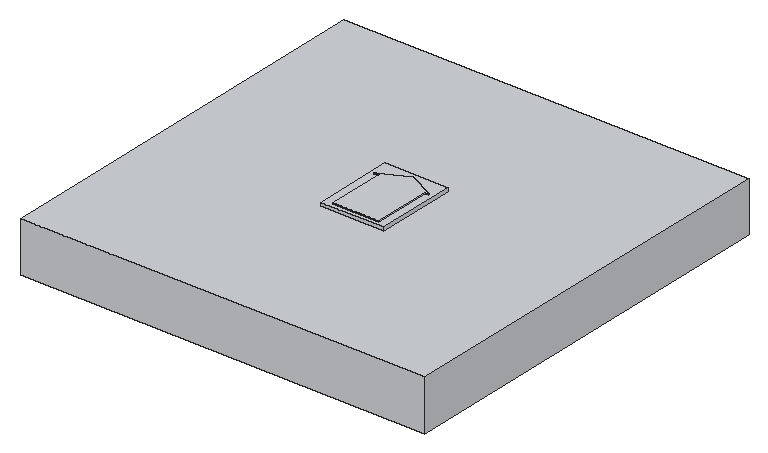
Revit family "M_Caixa mestre do alarme de incêndio", category Equipamento elétrico, Revit 2019
Family settings
  Hospedeiro = Face
  Cota do conector redondo = Utilizar diâmetro
  Tipo de parte = Outros painéis
  Número OmniClass = 23.85.30.21.11.14
  Título OmniClass = Alarm Panels
  ID de item do Seek = Fire Alarm Master Box-0000-CAN-ENU
  Corte com vazios quando carregada = Não
  Compartilhado = Não
  Ponto de cálculo do ambiente = Não
Parameters (values of type "Padrão")
  Largura 3 = 319 mm
  Largura 2 = 279 mm
  Largura 1 = 381 mm
  Material do painel = none
  Altura 4 = 378 mm
  Altura 3 = Altura 2 * 0.2  # 86.4 mm
  Altura 2 = 432 mm
  Altura 1 = 483 mm
  Comprimento 4 = Comprimento 2 + Comprimento 3  # 25 mm
  Comprimento 3 = (Comprimento 1 - 127 mm) * 0.25  # 6.25 mm
  Comprimento 2 = (Comprimento 1 - 127 mm) * 0.75  # 18.75 mm
  Comprimento 1 = 152 mm
  Elevação-padrão = 1200 mm
Reference planes
  plane 1 "Centro (Frente/Trás)": y = 0
  plane 2: z = 0
  plane 3 "Centro (Esquerda/Direita)": x = 0
  plane 4: z = -127
  plane 5: z = 18.75
  plane 6: z = 25
  plane 7: x = -190.5
  plane 8: y = 241.5
  plane 9: y = -241.5
  plane 10: x = 190.5
  plane 11: x = -139.5
  plane 12: x = 139.5
  plane 13: y = -216
  plane 14: y = 216
  plane 15: x = -164.9
  plane 16: x = 164.9
  plane 17: y = 189
  plane 18: y = -189
  plane 19: x = -159.5
  plane 20: x = 159.5
Forms (mm)
  Extrusion 1, solid
    sketch origin (0, 0, 0) x (1, 0, 0) y (0, 1, 0)
      loop
        line (-1219.2, 1219.2) -> (-1219.2, -1219.2) -> (1219.2, -1219.2) -> (1219.2, 1219.2) -> (-1219.2, 1219.2)
    from 0 to -304.8
  Extrusion 2, solid, material <- "Material do painel"
    sketch origin (0, 0, 0) x (1, 0, 0) y (0, 1, 0)
      loop
        line (-190.5, 241.5) -> (-190.5, -241.5) -> (190.5, -241.5) -> (190.5, 241.5) -> (-190.5, 241.5)
    from 0 to 18.75
  Extrusion 3, solid, material <- "Material do painel"
    sketch origin (0, 0, 0) x (1, 0, 0) y (0, 1, 0)
      loop
        line (-139.5, -216) -> (139.5, -216) -> (139.5, 129.628) -> (164.9, 129.628) -> (0, 216) -> (-164.9, 129.628) -> (-139.5, 129.628) -> (-139.5, -216)
    from 0 to 25
  Extrusion 4, solid, material <- "Material do painel"
    sketch origin (0, 0, 0) x (1, 0, 0) y (0, 1, 0)
      loop
        line (-159.5, 189) -> (-159.5, -189) -> (159.5, -189) -> (159.5, 189) -> (-159.5, 189)
    from 0 to -127
Cuts and joins
  joined: Extrusion 2, Extrusion 3
Lines and regions (mm)
  symbolic lines, detail levels fine
    curve 1: line (164.9, 0, 25) -> (-164.9, 0, 25)
    curve 2: line (-139.5, 0, 25) -> (-139.5, 0, 18.75)
    curve 3: line (-164.9, 0, 18.75) -> (-164.9, 0, 25)
    curve 4: line (190.5, 0, 18.75) -> (-190.5, 0, 18.75)
    curve 5: line (139.5, 0, 18.75) -> (139.5, 0, 25)
    curve 6: line (164.9, 0, 18.75) -> (164.9, 0, 25)
    curve 7: line (190.5, 0, 0) -> (190.5, 0, 18.75)
    curve 8: line (-190.5, 0, 0) -> (190.5, 0, 0)
    curve 9: line (159.5, 0, -127) -> (159.5, 0, 0)
    curve 10: line (-159.5, 0, -127) -> (159.5, 0, -127)
    curve 11: line (-159.5, 0, 0) -> (-159.5, 0, -127)
    curve 12: line (-190.5, 0, 18.75) -> (-190.5, 0, 0)
Dimensions and locks
  equal spacing: plane 8, plane 1 "Centro (Frente/Trás)", plane 9
  "Altura 1": plane 8 to plane 9
  equal spacing: plane 7, plane 3 "Centro (Esquerda/Direita)", plane 10
  "Largura 1": plane 7 to plane 10
  equal spacing: plane 11, plane 3 "Centro (Esquerda/Direita)", plane 12
  "Largura 2": plane 11 to plane 12
  equal spacing: plane 14, plane 1 "Centro (Frente/Trás)", plane 13
  "Altura 2": plane 14 to plane 13
  locked: plane 15 to plane 11 at 25.4
  locked: plane 12 to plane 16 at 25.4
  "Comprimento 1": plane 4 to plane 6
  "Comprimento 2": plane 5 to plane 2
  "Comprimento 3": plane 6 to plane 5
  equal spacing: plane 18, plane 1 "Centro (Frente/Trás)", plane 17
  equal spacing: plane 19, plane 3 "Centro (Esquerda/Direita)", plane 20
  "Largura 3": plane 19 to plane 20
  "Altura 4": plane 18 to plane 17
  aligned and locked: plane 2 to Extrusion 1
  aligned and locked: level to Extrusion 1
  aligned and locked: plane 7 to Extrusion 2 sketch curve
  aligned and locked: plane 8 to Extrusion 2 sketch curve
  aligned and locked: plane 9 to Extrusion 2 sketch curve
  aligned and locked: Extrusion 2 sketch curve to plane 10
  aligned and locked: plane 13 to Extrusion 3 sketch curve
  aligned and locked: plane 12 to Extrusion 3 sketch curve
  aligned and locked: plane 16 to Extrusion 3 sketch curve
  aligned and locked: plane 3 "Centro (Esquerda/Direita)" to Extrusion 3 sketch curve
  aligned and locked: plane 14 to Extrusion 3 sketch curve
  aligned and locked: plane 15 to Extrusion 3 sketch curve
  aligned and locked: Extrusion 2 to plane 2
  aligned and locked: plane 5 to Extrusion 2
  aligned and locked: Extrusion 3 to plane 2
  aligned and locked: Extrusion 3 to plane 6
  aligned and locked: plane 19 to Extrusion 4 sketch curve
  aligned and locked: plane 20 to Extrusion 4 sketch curve
  aligned and locked: plane 18 to Extrusion 4 sketch curve
  aligned and locked: plane 2 to Extrusion 4
  aligned and locked: Extrusion 4 to plane 4
  aligned and locked: curve 1 to cut or joined group of Extrusion 2, Extrusion 3
  aligned and locked: curve 2 to cut or joined group of Extrusion 2, Extrusion 3
  aligned and locked: curve 3 to cut or joined group of Extrusion 2, Extrusion 3
  aligned and locked: curve 4 to cut or joined group of Extrusion 2, Extrusion 3
  aligned and locked: curve 5 to cut or joined group of Extrusion 2, Extrusion 3
  aligned and locked: curve 6 to cut or joined group of Extrusion 2, Extrusion 3
  aligned and locked: curve 7 to cut or joined group of Extrusion 2, Extrusion 3
  aligned and locked: curve 8 to cut or joined group of Extrusion 2, Extrusion 3
  aligned and locked: curve 9 to Extrusion 4
  aligned and locked: curve 10 to Extrusion 4
  aligned and locked: curve 11 to Extrusion 4
  aligned and locked: curve 12 to cut or joined group of Extrusion 2, Extrusion 3
  aligned and locked: plane 3 "Centro (Esquerda/Direita)" to nested 1
  aligned and locked: nested 1 to plane 2
Automatic sketch dimensions
  Extrusion 1 sketch curve to Extrusion 1 sketch curve = 2438.4 mm  (x2)
  Extrusion 3 sketch curve to plane 11 = 0 mm
  plane 17 to Extrusion 4 sketch curve = 0 mm
  plane 17 to Extrusion 3 sketch curve = 59.372 mm  (x2)
Nested families
  nested 1: "M_Anotação da caixa mestre do alarme de incêndio" at (0, 0, 0) x (1, 0, 0) z (0, -1, 0), type "Anotação da caixa mestre do alarme de incêndio", detail levels coarse+medium
Connectors
  electrical at (0, 189, -63.5)
    settings: on Extrusion 4, index 1, voltage 0 V, apparent load 0 VA, apparent load phase1 0 VA, apparent load phase2 0 VA, apparent load phase3 0 VA, power factor 1, load classification "Outros", number of poles 1, system type 11, power factor state 1, is connector primary yes, connector utility no, sub classification motor no, connector description ""
  cabletrayconduit at (0, 189, -63.5), diameter 600
    settings: on Extrusion 4, index 2, connector width 300 mm, connector height 300 mm, connector angle 0.00°, system type 32, placement type 1, profile type 0, connector reference index -1, is primary connector yes, connector utility param no, connector description ""
  cabletrayconduit at (-159.5, 0, -63.5), diameter 600
    settings: on Extrusion 4, index 3, connector width 300 mm, connector height 300 mm, connector angle 0.00°, system type 32, placement type 1, profile type 0, connector reference index -1, is primary connector no, connector utility param no, connector description ""
  cabletrayconduit at (159.5, 0, -63.5), diameter 600
    settings: on Extrusion 4, index 4, connector width 300 mm, connector height 300 mm, connector angle 0.00°, system type 32, placement type 1, profile type 0, connector reference index -1, is primary connector no, connector utility param no, connector description ""
  cabletrayconduit at (0, 0, -127), diameter 600
    settings: on Extrusion 4, index 5, connector width 300 mm, connector height 300 mm, connector angle 0.00°, system type 32, placement type 1, profile type 0, connector reference index -1, is primary connector no, connector utility param no, connector description ""
  cabletrayconduit at (0, -189, -63.5), diameter 600
    settings: on Extrusion 4, index 6, connector width 300 mm, connector height 300 mm, connector angle 0.00°, system type 32, placement type 1, profile type 0, connector reference index -1, is primary connector no, connector utility param no, connector description ""
Definition of nested family "M_Anotação da caixa mestre do alarme de incêndio"
  Parameters
    Comprimento 2 = Altura 1 / 2 + 76.2 mm  # 152.2 mm
    Comprimento 1 = Altura 1 / 2 + 3.175 mm  # 79.175 mm
    Altura 2 = 25 mm
    Altura 1 = 152 mm
    Anotação de legenda = ""
    Assembly Code = ""
  Reference planes
    plane 1 "Centro (Frente/Trás)": y = 0
    plane 2: z = 0
    plane 3 "Centro (Esquerda/Direita)": x = 0
    plane 4: x = -152.2
    plane 5: y = 25
  Lines and regions (mm)
    Filled region 1, type "Preenchimento sólido - Preto", in view "Nível de referência"
      outline origin (-14.588, -145.557, 0) x (0, 1, 0) y (-1, 0, 0)
        loop
          line (-6.474, 64.587) -> (61.259, 64.587) -> (61.259, 81.632) -> (20.553, 99.512) -> (61.259, 116.333) -> (61.259, 133.378) -> (-6.474, 133.378) -> (-6.474, 119.832) -> (33.701, 119.832) -> (-6.474, 103.23) -> (-6.474, 95.793) -> (33.701, 79.192) -> (-6.474, 79.192) -> (-6.474, 64.587)
    Filled region 2, type "Preenchimento sólido - Preto", in view "Nível de referência"
      outline origin (-15.384, -145.745, 0) x (-1, 0, 0) y (0, -1, 0)
        loop
          line (136.816, -61.248) -> (164.797, -61.248)
          arc (164.797, -61.248) -> (181.309, -48.678) -> (173.586, -29.416) r 17.13
          arc (173.586, -29.416) -> (182.988, -23.219) -> (187.676, -12.981) r 20.423
          arc (187.676, -12.981) -> (183.771, 0.594) -> (170.933, 6.485) r 16.933
          line (170.933, 6.485) -> (136.816, 6.485) -> (136.816, -61.248)
        loop
          arc (163.738, -50.136) -> (172.323, -42.632) -> (166.036, -33.12) r 8.663
          line (166.036, -33.12) -> (147.863, -33.12) -> (147.863, -50.136) -> (163.738, -50.136)
        loop
          line (147.863, -3.649) -> (147.863, -23.066) -> (171.808, -23.066)
          arc (171.808, -23.066) -> (176.033, -17.557) -> (176.741, -10.649) r 12.734
          arc (176.741, -10.649) -> (173.846, -5.631) -> (168.402, -3.649) r 8.467
          line (168.402, -3.649) -> (147.863, -3.649)
    detail lines, in view "Nível de referência"
      curve 1: line (-76, 25, 0) -> (76, 25, 0)
      curve 2: line (-76, -127, 0) -> (-76, 25, 0)
      curve 3: line (76, -127, 0) -> (-76, -127, 0)
      curve 4: line (76, 25, 0) -> (76, -127, 0)
  Dimensions and locks
    equal spacing: curve 2, plane 3 "Centro (Esquerda/Direita)", curve 4
    "Altura 1": curve 2 to curve 4
    "Comprimento 1": Filled region 1 to plane 3 "Centro (Esquerda/Direita)"
    "Comprimento 2": plane 4 to plane 3 "Centro (Esquerda/Direita)"
    "Altura 2": plane 1 "Centro (Frente/Trás)" to plane 5
    "Altura 1": plane 5 to curve 3
    aligned and locked: plane 4 to Filled region 2
  Automatic sketch dimensions
    plane 5 to curve 2 = 0 mm
    plane 4 to Filled region 1 sketch curve = 73.025 mm
    plane 1 "Centro (Frente/Trás)" to Filled region 1 sketch curve = 152.031 mm
    plane 4 to Filled region 1 sketch curve = 17.78 mm
    Filled region 1 sketch curve to Filled region 1 sketch curve = 0 mm  (x2)
    plane 4 to Filled region 1 sketch curve = 38.1 mm
    Filled region 1 sketch curve to Filled region 1 sketch curve = 27.027 mm
    Filled region 1 sketch curve to Filled region 1 sketch curve = 13.148 mm  (x2)
    plane 4 to Filled region 1 sketch curve = 4.233 mm
    Filled region 1 sketch curve to Filled region 1 sketch curve = 27.558 mm  (x2)
    Filled region 1 sketch curve to Filled region 1 sketch curve = 20.32 mm
    Filled region 1 sketch curve to Filled region 1 sketch curve = 17.045 mm  (x2)
    Filled region 1 sketch curve to Filled region 1 sketch curve = 16.602 mm
    Filled region 1 sketch curve to Filled region 1 sketch curve = 7.437 mm
    Filled region 2 sketch curve to plane 4 = 0 mm
    Filled region 2 sketch curve to Filled region 2 sketch curve = 11.048 mm
    Filled region 2 sketch curve to Filled region 2 sketch curve = 0 mm  (x3)
    Filled region 2 sketch curve to Filled region 2 sketch curve = 15.875 mm
    Filled region 2 sketch curve to Filled region 2 sketch curve = 16.336 mm
    Filled region 2 sketch curve to Filled region 2 sketch curve = 1.058 mm
    Filled region 2 sketch curve to Filled region 2 sketch curve = 2.298 mm
    Filled region 2 sketch curve to Filled region 2 sketch curve = 3.284 mm
    Filled region 2 sketch curve to Filled region 2 sketch curve = 0.919 mm
    Filled region 2 sketch curve to Filled region 2 sketch curve = 2.531 mm
    Filled region 2 sketch curve to Filled region 2 sketch curve = 3.406 mm
    Filled region 2 sketch curve to Filled region 2 sketch curve = 1.779 mm
    Filled region 2 sketch curve to Filled region 2 sketch curve = 5.807 mm
    Filled region 2 sketch curve to Filled region 2 sketch curve = 10.936 mm
    plane 1 "Centro (Frente/Trás)" to Filled region 2 sketch curve = 84.497 mm
    Filled region 2 sketch curve to Filled region 2 sketch curve = 11.113 mm
    Filled region 2 sketch curve to Filled region 2 sketch curve = 6.017 mm
    Filled region 2 sketch curve to Filled region 2 sketch curve = 2.646 mm
    Filled region 2 sketch curve to Filled region 2 sketch curve = 10.054 mm
    Filled region 2 sketch curve to Filled region 2 sketch curve = 10.085 mm
    Filled region 2 sketch curve to Filled region 2 sketch curve = 2.928 mm
